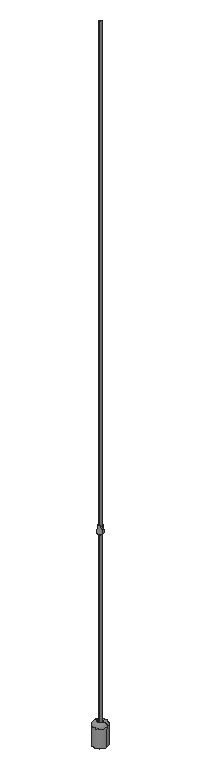
Revit family "Koura 1000", category Lighting Fixtures, host Ceiling, Revit 2017
Family settings
  Host = Ceiling
  Round Connector Dimension = Use Diameter
  Part Type = Normal
  OmniClass Number = 23.80.70.11
  OmniClass Title = Luminaries for Internal Lighting
  Always vertical = Yes
  Cut with Voids When Loaded = No
  Light Source = Yes
  Shared = No
  Room Calculation Point = No
Parameters (values of type "Generic")
  Wattage Comments = "Max. 60 Watts. 110V(US) / 230-240V(EU). Lamp NOT provided."
  Wattage = 6.7321 W
  built-in parameter 1150110 = 1 (stored number, unit not read)
  URL = "https://www.davidtrubridge.com"
  Type Comments = "Ceilig Rose required, contact supplier for options."
  built-in parameter 1114217 = 1 (stored number, unit not read)
  built-in parameter 1150109 = 1 (stored number, unit not read)
  built-in parameter 1150134 = (empty or 0)
  Suspension to top [instance] = Suspension to mid - 200 mm  # 1800 mm
  built-in parameter 1150113 = 1 (stored number, unit not read)
  Model = "Koura 1000"
  Manufacturer = "David Trubridge"
  Lumens = 1000 lm
  built-in parameter 1150115 = 1 (stored number, unit not read)
  built-in parameter 1150105 = 79.577 (stored number, unit not read)
  Suspension to mid [instance] = 2000 mm
  Light Source Symbol Size = 300 mm
  built-in parameter 1150137 = (empty or 0)
  built-in parameter 1150139 = (empty or 0)
  Lamp Wattage = 0 W
  built-in parameter 1150112 = 1 (stored number, unit not read)
  built-in parameter 1150114 = 1 (stored number, unit not read)
  Lamp = "E27 / (E26 USA)"
  built-in parameter 1150132 = 2
  built-in parameter 1150102 = (empty or 0)
  built-in parameter 1150138 = (empty or 0)
  built-in parameter 1150107 = 3000 (stored number, unit not read)
  built-in parameter 1150106 = 0.79577 (stored number, unit not read)
  built-in parameter 1150104 = 13.8 (stored number, unit not read)
  Dimming Lamp Color Temperature Shift = <None>
  Description = "Pendant in bamboo plywood. Can be made in a large range of colours. Lamp is not supplied"
  Cordset Finish = Plastic, Opaque White
  Color Filter = 16777215
  built-in parameter 1114218 = 1 (stored number, unit not read)
  built-in parameter 1150133 = 10 (stored number, unit not read)
  Apparent Load = 0 VA
Reference planes
  plane 1 "Light Source Axis (F/B)": y = 0
  plane 2: z = 0
  plane 3 "Light Source Axis (L/R)": x = 0
  plane 4 "Ceiling": z = 4000
  plane 5 "Light Source Elevation": z = 2000
  plane 6 "Top of pendant": z = 2620
  plane 7 "Light Socket": z = 2050
  plane 8 "Bottom of pendant": z = 1656.741
  plane 9 "Outer Edge L": x = 275
  plane 10 "Outer Edge R": x = -275
Forms (mm)
  Revolve 1, solid, material "Plastic, Opaque White" <- "Cordset Finish"
    sketch origin (0, 0, -205) x (1, 0, 0) y (0, 0, 1)
      loop
        line (0, 2317) -> (0, 2255) -> (20, 2255) -> (20, 2307)
        arc (20, 2307) -> (17.071, 2314.071) -> (10, 2317) r 10
        line (10, 2317) -> (0, 2317)
      axis (0, 2255) -> (0, 2317)
    angle from 0 to 360
  Extrusion 2, solid, material "Plastic, Opaque White" <- "Cordset Finish"
    sketch origin (0, 0, 3200) x (0, 1, 0) y (-1, 0, 0)
      loop
        circle (0, 0) r 3
    from -580 to 800
  Extrusion 3, solid, material "Plastic, Opaque White" <- "Cordset Finish"
    sketch origin (0, 0, 3200) x (0, 1, 0) y (-1, 0, 0)
      loop
        circle (0, 0) r 3
    from -1150 to -580
  Revolve 4, solid, material "Plastic, Opaque White" <- "Cordset Finish"
    sketch origin (0, 0, -40) x (1, 0, 0) y (0, 0, 1)
      loop
        line (0, 2680) -> (0, 2660) -> (7.5, 2660) -> (5, 2680) -> (0, 2680)
      axis (0, 2660) -> (0, 2680)
    angle from 0 to 360
Dimensions and locks
  equal spacing: host sketch curve, plane 3 "Light Source Axis (L/R)", host sketch curve
  equal spacing: host sketch curve, plane 1 "Light Source Axis (F/B)", host sketch curve
  host sketch curve to host sketch curve = 4000 mm  (x2)
  host ceiling to plane 4 "Ceiling" = 0 mm
  plane 4 "Ceiling" to level = 4000 mm
  "Suspension to mid": plane 5 "Light Source Elevation" to plane 4 "Ceiling"
  locked: plane 5 "Light Source Elevation" to plane 6 "Top of pendant" at 620
  locked: plane 5 "Light Source Elevation" to plane 7 "Light Socket" at 50
  locked: plane 8 "Bottom of pendant" to plane 6 "Top of pendant" at 963.259
  aligned and locked: plane 3 "Light Source Axis (L/R)" to imposter light
  aligned and locked: plane 1 "Light Source Axis (F/B)" to imposter light
  aligned and locked: plane 5 "Light Source Elevation" to imposter light
  aligned and locked: plane 6 "Top of pendant" to Extrusion 2
  aligned and locked: Extrusion 3 to Revolve 1
  aligned and locked: plane 7 "Light Socket" to Extrusion 3
  aligned and locked: level to plane 2
  aligned and locked: import instance to plane 6 "Top of pendant"
  aligned and locked: Extrusion 3 to plane 6 "Top of pendant"
  aligned and locked: host ceiling to Extrusion 2
  aligned and locked: Extrusion 2 to plane 4 "Ceiling"
Automatic sketch dimensions
  Revolve 1 sketch curve to plane 3 "Light Source Axis (L/R)" = 0 mm
  plane 3 "Light Source Axis (L/R)" to Revolve 1 sketch curve = 0 mm
  plane 3 "Light Source Axis (L/R)" to Revolve 1 sketch curve = 10 mm
  Revolve 1 sketch curve to Revolve 1 sketch curve = 20 mm
  Revolve 1 sketch curve to plane 5 "Light Source Elevation" = 50 mm
  Revolve 1 sketch curve to Revolve 1 sketch curve = 52 mm
  Revolve 1 sketch curve to level = 563.228 mm
  Revolve 1 sketch curve to plane 4 "Ceiling" = 157.185 mm
  plane 1 "Light Source Axis (F/B)" to Extrusion 2 sketch curve = 0 mm
  Extrusion 2 sketch curve to plane 3 "Light Source Axis (L/R)" = 0 mm
  plane 1 "Light Source Axis (F/B)" to Extrusion 3 sketch curve = 0 mm
  Extrusion 3 sketch curve to plane 3 "Light Source Axis (L/R)" = 0 mm
  Revolve 4 sketch curve to plane 3 "Light Source Axis (L/R)" = 0 mm  (x2)
  Revolve 4 sketch curve to plane 6 "Top of pendant" = 0 mm
  plane 3 "Light Source Axis (L/R)" to Revolve 4 sketch curve = 5 mm
  plane 3 "Light Source Axis (L/R)" to Revolve 4 sketch curve = 7.5 mm
  Revolve 4 sketch curve to plane 6 "Top of pendant" = 20 mm
  Revolve 4 sketch curve to level = 344.8 mm
  plane 4 "Ceiling" to Revolve 4 sketch curve = 40 mm
  radius of Extrusion 2 sketch curve = 3 mm
  radius of Extrusion 3 sketch curve = 3 mm
Connectors
  electrical at (0, 0, 4000)
    settings: index 1, voltage 0 V, apparent load 0 VA, apparent load phase1 0 VA, apparent load phase2 0 VA, apparent load phase3 0 VA, power factor 1, load classification "Other", number of poles 1, system type 30, power factor state 0, is connector primary yes, connector utility no, sub classification motor no, connector description ""
